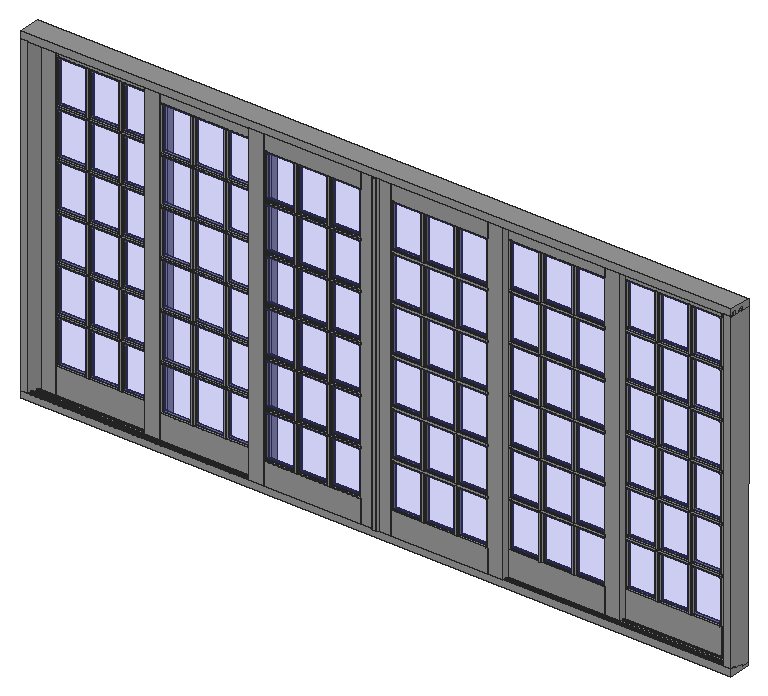
Revit family "VSD4.6SPCOTS", category Doors, host Wall, Revit 2015 (continued)
Automatic sketch dimensions
  Sweep 130 sketch curve to profile plane = 132.5 mm
  Sweep 130 sketch curve to Sweep 130 sketch curve = 6 mm
  plane 4 "Right" to Sweep 131 sketch curve = 1043.32 mm
  Sweep 131 sketch curve to Sweep 131 sketch curve = 197.32 mm
  plane 5 to Sweep 131 sketch curve = 1019 mm
  Sweep 131 sketch curve to Sweep 131 sketch curve = 284 mm
  profile plane to Sweep 131 sketch curve = 0 mm
  profile plane to Sweep 131 sketch curve = 0.241 mm
  Sweep 131 sketch curve to Sweep 131 sketch curve = 6.759 mm
  Sweep 131 sketch curve to Sweep 131 sketch curve = 2 mm  (x2)
  Sweep 131 sketch curve to profile plane = 132.5 mm
  Sweep 131 sketch curve to Sweep 131 sketch curve = 6 mm
  host wall to Extrusion 132 sketch curve = 4 mm  (x4)
  plane 2 "Center (Left/Right)" to Extrusion 132 sketch curve = 989.34 mm
  Extrusion 132 sketch curve to Extrusion 132 sketch curve = 2 mm  (x10)
  Extrusion 132 sketch curve to Extrusion 132 sketch curve = 6.759 mm  (x4)
  Extrusion 132 sketch curve to Extrusion 132 sketch curve = 0.241 mm  (x6)
  Extrusion 132 sketch curve to Extrusion 132 sketch curve = 13 mm  (x2)
  Extrusion 132 sketch curve to Extrusion 132 sketch curve = 0 mm  (x2)
  Extrusion 132 sketch curve to Extrusion 132 sketch curve = 179.34 mm
  Extrusion 132 sketch curve to Extrusion 132 sketch curve = 1.197 mm  (x4)
  Extrusion 132 sketch curve to host wall = 26 mm  (x2)
  plane 2 "Center (Left/Right)" to Sweep 133 sketch curve = 1011.36 mm
  Sweep 133 sketch curve to Sweep 133 sketch curve = 197.32 mm
  plane 5 to Sweep 133 sketch curve = 1019 mm
  Sweep 133 sketch curve to Sweep 133 sketch curve = 284 mm
  profile plane to Sweep 133 sketch curve = 0 mm
  profile plane to Sweep 133 sketch curve = 0.241 mm
  Sweep 133 sketch curve to Sweep 133 sketch curve = 6.759 mm
  Sweep 133 sketch curve to Sweep 133 sketch curve = 2 mm  (x2)
  Sweep 133 sketch curve to profile plane = 132.5 mm
  Sweep 133 sketch curve to Sweep 133 sketch curve = 6 mm
  plane 2 "Center (Left/Right)" to Sweep 134 sketch curve = 801.02 mm
  Sweep 134 sketch curve to Sweep 134 sketch curve = 197.32 mm
  plane 5 to Sweep 134 sketch curve = 1019 mm
  Sweep 134 sketch curve to Sweep 134 sketch curve = 284 mm
  profile plane to Sweep 134 sketch curve = 0 mm
  profile plane to Sweep 134 sketch curve = 0.241 mm
  Sweep 134 sketch curve to Sweep 134 sketch curve = 6.759 mm
  Sweep 134 sketch curve to Sweep 134 sketch curve = 2 mm  (x2)
  Sweep 134 sketch curve to profile plane = 132.5 mm
  Sweep 134 sketch curve to Sweep 134 sketch curve = 6 mm
  plane 4 "Right" to Sweep 135 sketch curve = 1043.32 mm
  Sweep 135 sketch curve to Sweep 135 sketch curve = 197.32 mm
  level to Sweep 135 sketch curve = 784 mm
  Sweep 135 sketch curve to Sweep 135 sketch curve = 284 mm
  profile plane to Sweep 135 sketch curve = 0 mm
  profile plane to Sweep 135 sketch curve = 0.241 mm
  Sweep 135 sketch curve to Sweep 135 sketch curve = 6.759 mm
  Sweep 135 sketch curve to Sweep 135 sketch curve = 2 mm  (x2)
  Sweep 135 sketch curve to profile plane = 132.5 mm
  Sweep 135 sketch curve to Sweep 135 sketch curve = 6 mm
  host wall to Extrusion 136 sketch curve = 4 mm  (x4)
  plane 2 "Center (Left/Right)" to Extrusion 136 sketch curve = 989.34 mm
  Extrusion 136 sketch curve to Extrusion 136 sketch curve = 2 mm  (x10)
  Extrusion 136 sketch curve to Extrusion 136 sketch curve = 6.759 mm  (x4)
  Extrusion 136 sketch curve to Extrusion 136 sketch curve = 0.241 mm  (x6)
  Extrusion 136 sketch curve to Extrusion 136 sketch curve = 13 mm  (x2)
  Extrusion 136 sketch curve to Extrusion 136 sketch curve = 0 mm  (x2)
  Extrusion 136 sketch curve to Extrusion 136 sketch curve = 179.34 mm
  Extrusion 136 sketch curve to Extrusion 136 sketch curve = 1.197 mm  (x4)
  Extrusion 136 sketch curve to host wall = 26 mm  (x2)
  plane 2 "Center (Left/Right)" to Sweep 137 sketch curve = 1011.36 mm
  Sweep 137 sketch curve to Sweep 137 sketch curve = 197.32 mm
  level to Sweep 137 sketch curve = 784 mm
  Sweep 137 sketch curve to Sweep 137 sketch curve = 284 mm
  profile plane to Sweep 137 sketch curve = 0 mm
  profile plane to Sweep 137 sketch curve = 0.241 mm
  Sweep 137 sketch curve to Sweep 137 sketch curve = 6.759 mm
  Sweep 137 sketch curve to Sweep 137 sketch curve = 2 mm  (x2)
  Sweep 137 sketch curve to profile plane = 132.5 mm
  Sweep 137 sketch curve to Sweep 137 sketch curve = 6 mm
  plane 2 "Center (Left/Right)" to Sweep 138 sketch curve = 801.02 mm
  Sweep 138 sketch curve to Sweep 138 sketch curve = 197.32 mm
  level to Sweep 138 sketch curve = 784 mm
  Sweep 138 sketch curve to Sweep 138 sketch curve = 284 mm
  profile plane to Sweep 138 sketch curve = 0 mm
  profile plane to Sweep 138 sketch curve = 0.241 mm
  Sweep 138 sketch curve to Sweep 138 sketch curve = 6.759 mm
  Sweep 138 sketch curve to Sweep 138 sketch curve = 2 mm  (x2)
  Sweep 138 sketch curve to profile plane = 132.5 mm
  Sweep 138 sketch curve to Sweep 138 sketch curve = 6 mm
  level to Sweep 139 sketch curve = 487 mm
  plane 4 "Right" to Sweep 139 sketch curve = 1043.32 mm
  Sweep 139 sketch curve to Sweep 139 sketch curve = 197.32 mm
  Sweep 139 sketch curve to Sweep 139 sketch curve = 284 mm
  profile plane to Sweep 139 sketch curve = 0 mm
  profile plane to Sweep 139 sketch curve = 0.241 mm
  Sweep 139 sketch curve to Sweep 139 sketch curve = 6.759 mm
  Sweep 139 sketch curve to Sweep 139 sketch curve = 2 mm  (x2)
  Sweep 139 sketch curve to profile plane = 132.5 mm
  Sweep 139 sketch curve to Sweep 139 sketch curve = 6 mm
  host wall to Extrusion 140 sketch curve = 4 mm  (x4)
  plane 2 "Center (Left/Right)" to Extrusion 140 sketch curve = 989.34 mm
  Extrusion 140 sketch curve to Extrusion 140 sketch curve = 2 mm  (x10)
  Extrusion 140 sketch curve to Extrusion 140 sketch curve = 6.759 mm  (x4)
  Extrusion 140 sketch curve to Extrusion 140 sketch curve = 0.241 mm  (x6)
  Extrusion 140 sketch curve to Extrusion 140 sketch curve = 13 mm  (x2)
  Extrusion 140 sketch curve to Extrusion 140 sketch curve = 0 mm  (x2)
  Extrusion 140 sketch curve to Extrusion 140 sketch curve = 179.34 mm
  Extrusion 140 sketch curve to Extrusion 140 sketch curve = 1.197 mm  (x4)
  Extrusion 140 sketch curve to host wall = 26 mm  (x2)
  level to Sweep 141 sketch curve = 487 mm
  plane 2 "Center (Left/Right)" to Sweep 141 sketch curve = 1011.36 mm
  Sweep 141 sketch curve to Sweep 141 sketch curve = 197.32 mm
  Sweep 141 sketch curve to Sweep 141 sketch curve = 284 mm
  profile plane to Sweep 141 sketch curve = 0 mm
  profile plane to Sweep 141 sketch curve = 0.241 mm
  Sweep 141 sketch curve to Sweep 141 sketch curve = 6.759 mm
  Sweep 141 sketch curve to Sweep 141 sketch curve = 2 mm  (x2)
  Sweep 141 sketch curve to profile plane = 132.5 mm
  Sweep 141 sketch curve to Sweep 141 sketch curve = 6 mm
  plane 2 "Center (Left/Right)" to Sweep 142 sketch curve = 801.02 mm
  Sweep 142 sketch curve to Sweep 142 sketch curve = 197.32 mm
  level to Sweep 142 sketch curve = 487 mm
  Sweep 142 sketch curve to Sweep 142 sketch curve = 284 mm
  profile plane to Sweep 142 sketch curve = 0 mm
  profile plane to Sweep 142 sketch curve = 0.241 mm
  Sweep 142 sketch curve to Sweep 142 sketch curve = 6.759 mm
  Sweep 142 sketch curve to Sweep 142 sketch curve = 2 mm  (x2)
  Sweep 142 sketch curve to profile plane = 132.5 mm
  Sweep 142 sketch curve to Sweep 142 sketch curve = 6 mm
  level to Sweep 143 sketch curve = 190 mm
  plane 4 "Right" to Sweep 143 sketch curve = 1043.32 mm
  Sweep 143 sketch curve to Sweep 143 sketch curve = 197.32 mm
  Sweep 143 sketch curve to Sweep 143 sketch curve = 284 mm
  profile plane to Sweep 143 sketch curve = 0 mm
  profile plane to Sweep 143 sketch curve = 0.241 mm
  Sweep 143 sketch curve to Sweep 143 sketch curve = 6.759 mm
  Sweep 143 sketch curve to Sweep 143 sketch curve = 2 mm  (x2)
  Sweep 143 sketch curve to profile plane = 132.5 mm
  Sweep 143 sketch curve to Sweep 143 sketch curve = 6 mm
  host wall to Extrusion 144 sketch curve = 4 mm  (x4)
  plane 2 "Center (Left/Right)" to Extrusion 144 sketch curve = 989.34 mm
  Extrusion 144 sketch curve to Extrusion 144 sketch curve = 2 mm  (x10)
  Extrusion 144 sketch curve to Extrusion 144 sketch curve = 6.759 mm  (x4)
  Extrusion 144 sketch curve to Extrusion 144 sketch curve = 0.241 mm  (x6)
  Extrusion 144 sketch curve to Extrusion 144 sketch curve = 13 mm  (x2)
  Extrusion 144 sketch curve to Extrusion 144 sketch curve = 0 mm  (x2)
  Extrusion 144 sketch curve to Extrusion 144 sketch curve = 179.34 mm
  Extrusion 144 sketch curve to Extrusion 144 sketch curve = 1.197 mm  (x4)
  Extrusion 144 sketch curve to host wall = 26 mm  (x2)
  level to Sweep 145 sketch curve = 190 mm
  plane 2 "Center (Left/Right)" to Sweep 145 sketch curve = 1011.36 mm
  Sweep 145 sketch curve to Sweep 145 sketch curve = 197.32 mm
  Sweep 145 sketch curve to Sweep 145 sketch curve = 284 mm
  profile plane to Sweep 145 sketch curve = 0 mm
  profile plane to Sweep 145 sketch curve = 0.241 mm
  Sweep 145 sketch curve to Sweep 145 sketch curve = 6.759 mm
  Sweep 145 sketch curve to Sweep 145 sketch curve = 2 mm  (x2)
  Sweep 145 sketch curve to profile plane = 132.5 mm
  Sweep 145 sketch curve to Sweep 145 sketch curve = 6 mm
  level to Sweep 146 sketch curve = 190 mm
  plane 2 "Center (Left/Right)" to Sweep 146 sketch curve = 801.02 mm
  Sweep 146 sketch curve to Sweep 146 sketch curve = 197.32 mm
  Sweep 146 sketch curve to Sweep 146 sketch curve = 284 mm
  profile plane to Sweep 146 sketch curve = 0 mm
  profile plane to Sweep 146 sketch curve = 0.241 mm
  Sweep 146 sketch curve to Sweep 146 sketch curve = 6.759 mm
  Sweep 146 sketch curve to Sweep 146 sketch curve = 2 mm  (x2)
  Sweep 146 sketch curve to profile plane = 132.5 mm
  Sweep 146 sketch curve to Sweep 146 sketch curve = 6 mm
  plane 2 "Center (Left/Right)" to Extrusion 147 sketch curve = 801 mm  (x2)
  level to Extrusion 147 sketch curve = 190 mm  (x2)
  Extrusion 147 sketch curve to Extrusion 147 sketch curve = 0.01 mm  (x9)
  Extrusion 147 sketch curve to Extrusion 147 sketch curve = 0 mm  (x20)
  Extrusion 147 sketch curve to Extrusion 147 sketch curve = 197.299 mm  (x4)
  Extrusion 147 sketch curve to Extrusion 147 sketch curve = 197.31 mm  (x4)
  Extrusion 147 sketch curve to Extrusion 147 sketch curve = 13.04 mm
  Extrusion 147 sketch curve to Extrusion 147 sketch curve = 13.05 mm
  Extrusion 147 sketch curve to Extrusion 147 sketch curve = 13.01 mm  (x2)
  Extrusion 147 sketch curve to Extrusion 147 sketch curve = 13 mm  (x4)
  Extrusion 147 sketch curve to Extrusion 147 sketch curve = 13.021 mm  (x2)
  Extrusion 147 sketch curve to Extrusion 147 sketch curve = 197.32 mm
  Extrusion 147 sketch curve to Extrusion 147 sketch curve = 284 mm
  Extrusion 147 sketch curve to Extrusion 147 sketch curve = 283.989 mm  (x3)
  Extrusion 147 sketch curve to Extrusion 147 sketch curve = 13.022 mm  (x8)
  Extrusion 147 sketch curve to Extrusion 147 sketch curve = 283.978 mm  (x2)
  Extrusion 147 sketch curve to Extrusion 147 sketch curve = 13.011 mm  (x3)
  plane 5 to Extrusion 147 sketch curve = 141 mm  (x3)
  Extrusion 148 sketch curve to host wall = 5 mm  (x7)
  Extrusion 148 sketch curve to Extrusion 148 sketch curve = 2 mm  (x28)
  Extrusion 148 sketch curve to Extrusion 148 sketch curve = 6 mm  (x12)
  Extrusion 148 sketch curve to Extrusion 148 sketch curve = 0.803 mm  (x5)
  Extrusion 148 sketch curve to Extrusion 148 sketch curve = 6.803 mm  (x7)
  Extrusion 148 sketch curve to Extrusion 148 sketch curve = 1.197 mm  (x8)
  Extrusion 148 sketch curve to Extrusion 148 sketch curve = 30 mm  (x5)
  host wall to Extrusion 148 sketch curve = 30 mm  (x2)
  level to Extrusion 148 sketch curve = 45 mm
  Extrusion 148 sketch curve to Extrusion 148 sketch curve = 145 mm
  Extrusion 148 sketch curve to Extrusion 148 sketch curve = 0 mm  (x4)
  Extrusion 148 sketch curve to Extrusion 148 sketch curve = 0.241 mm  (x12)
  Extrusion 148 sketch curve to Extrusion 148 sketch curve = 266 mm  (x5)
  Extrusion 148 sketch curve to Extrusion 148 sketch curve = 6.759 mm  (x6)
  Extrusion 148 sketch curve to Extrusion 148 sketch curve = 13 mm  (x7)
  plane 5 to Extrusion 148 sketch curve = 150 mm
  plane 5 to Extrusion 148 sketch curve = 45 mm
  plane 2 "Center (Left/Right)" to Sweep 149 sketch curve = 516.68 mm
  Sweep 149 sketch curve to Sweep 149 sketch curve = 197.32 mm
  Sweep 149 sketch curve to Sweep 149 sketch curve = 284 mm
  profile plane to Sweep 149 sketch curve = 0 mm
  profile plane to Sweep 149 sketch curve = 0.241 mm
  Sweep 149 sketch curve to Sweep 149 sketch curve = 6.759 mm
  Sweep 149 sketch curve to Sweep 149 sketch curve = 2 mm  (x2)
  Sweep 149 sketch curve to profile plane = 132.5 mm
  Sweep 149 sketch curve to Sweep 149 sketch curve = 6 mm
  Extrusion 150 sketch curve to host wall = 15 mm  (x2)
  plane 2 "Center (Left/Right)" to Extrusion 150 sketch curve = 284.34 mm
  Extrusion 150 sketch curve to Extrusion 150 sketch curve = 2 mm  (x8)
  Extrusion 150 sketch curve to Extrusion 150 sketch curve = 6.759 mm  (x4)
  Extrusion 150 sketch curve to Extrusion 150 sketch curve = 0.241 mm  (x6)
  Extrusion 150 sketch curve to Extrusion 150 sketch curve = 13 mm  (x2)
  Extrusion 150 sketch curve to Extrusion 150 sketch curve = 0 mm  (x2)
  Extrusion 150 sketch curve to Extrusion 150 sketch curve = 179.34 mm
  Extrusion 150 sketch curve to Extrusion 150 sketch curve = 1.197 mm  (x6)
  Extrusion 150 sketch curve to Extrusion 150 sketch curve = 0.803 mm  (x2)
  Extrusion 150 sketch curve to Extrusion 150 sketch curve = 30 mm  (x2)
  plane 2 "Center (Left/Right)" to Sweep 151 sketch curve = 306.36 mm
  Sweep 151 sketch curve to Sweep 151 sketch curve = 197.32 mm
  plane 5 to Sweep 151 sketch curve = 425 mm
  plane 5 to Sweep 151 sketch curve = 141 mm
  profile plane to Sweep 151 sketch curve = 0 mm
  profile plane to Sweep 151 sketch curve = 0.241 mm
  Sweep 151 sketch curve to Sweep 151 sketch curve = 6.759 mm
  Sweep 151 sketch curve to Sweep 151 sketch curve = 2 mm  (x2)
  Sweep 151 sketch curve to profile plane = 132.5 mm
  Sweep 151 sketch curve to Sweep 151 sketch curve = 6 mm
  plane 2 "Center (Left/Right)" to Sweep 152 sketch curve = 96.02 mm
  Sweep 152 sketch curve to Sweep 152 sketch curve = 197.32 mm
  plane 5 to Sweep 152 sketch curve = 425 mm
  plane 5 to Sweep 152 sketch curve = 141 mm
  profile plane to Sweep 152 sketch curve = 0 mm
  profile plane to Sweep 152 sketch curve = 0.241 mm
  Sweep 152 sketch curve to Sweep 152 sketch curve = 6.759 mm
  Sweep 152 sketch curve to Sweep 152 sketch curve = 2 mm  (x2)
  Sweep 152 sketch curve to profile plane = 132.5 mm
  Sweep 152 sketch curve to Sweep 152 sketch curve = 6 mm
  plane 2 "Center (Left/Right)" to Sweep 153 sketch curve = 516.68 mm
  Sweep 153 sketch curve to Sweep 153 sketch curve = 197.32 mm
  plane 5 to Sweep 153 sketch curve = 722 mm
  Sweep 153 sketch curve to Sweep 153 sketch curve = 284 mm
  profile plane to Sweep 153 sketch curve = 0 mm
  profile plane to Sweep 153 sketch curve = 0.241 mm
  Sweep 153 sketch curve to Sweep 153 sketch curve = 6.759 mm
  Sweep 153 sketch curve to Sweep 153 sketch curve = 2 mm  (x2)
  Sweep 153 sketch curve to profile plane = 132.5 mm
  Sweep 153 sketch curve to Sweep 153 sketch curve = 6 mm
  Extrusion 154 sketch curve to host wall = 15 mm  (x2)
  plane 2 "Center (Left/Right)" to Extrusion 154 sketch curve = 284.34 mm
  Extrusion 154 sketch curve to Extrusion 154 sketch curve = 2 mm  (x8)
  Extrusion 154 sketch curve to Extrusion 154 sketch curve = 6.759 mm  (x4)
  Extrusion 154 sketch curve to Extrusion 154 sketch curve = 0.241 mm  (x6)
  Extrusion 154 sketch curve to Extrusion 154 sketch curve = 13 mm  (x2)
  Extrusion 154 sketch curve to Extrusion 154 sketch curve = 0 mm  (x2)
  Extrusion 154 sketch curve to Extrusion 154 sketch curve = 179.34 mm
  Extrusion 154 sketch curve to Extrusion 154 sketch curve = 1.197 mm  (x6)
  Extrusion 154 sketch curve to Extrusion 154 sketch curve = 0.803 mm  (x2)
  Extrusion 154 sketch curve to Extrusion 154 sketch curve = 30 mm  (x2)
  plane 2 "Center (Left/Right)" to Sweep 155 sketch curve = 306.36 mm
  Sweep 155 sketch curve to Sweep 155 sketch curve = 197.32 mm
  plane 5 to Sweep 155 sketch curve = 722 mm
  Sweep 155 sketch curve to Sweep 155 sketch curve = 284 mm
  profile plane to Sweep 155 sketch curve = 0 mm
  profile plane to Sweep 155 sketch curve = 0.241 mm
  Sweep 155 sketch curve to Sweep 155 sketch curve = 6.759 mm
  Sweep 155 sketch curve to Sweep 155 sketch curve = 2 mm  (x2)
  Sweep 155 sketch curve to profile plane = 132.5 mm
  Sweep 155 sketch curve to Sweep 155 sketch curve = 6 mm
  plane 2 "Center (Left/Right)" to Sweep 156 sketch curve = 96.02 mm
  Sweep 156 sketch curve to Sweep 156 sketch curve = 197.32 mm
  plane 5 to Sweep 156 sketch curve = 722 mm
  Sweep 156 sketch curve to Sweep 156 sketch curve = 284 mm
  profile plane to Sweep 156 sketch curve = 0 mm
  profile plane to Sweep 156 sketch curve = 0.241 mm
  Sweep 156 sketch curve to Sweep 156 sketch curve = 6.759 mm
  Sweep 156 sketch curve to Sweep 156 sketch curve = 2 mm  (x2)
  Sweep 156 sketch curve to profile plane = 132.5 mm
  Sweep 156 sketch curve to Sweep 156 sketch curve = 6 mm
  plane 2 "Center (Left/Right)" to Sweep 157 sketch curve = 516.68 mm
  Sweep 157 sketch curve to Sweep 157 sketch curve = 197.32 mm
  plane 5 to Sweep 157 sketch curve = 1019 mm
  Sweep 157 sketch curve to Sweep 157 sketch curve = 284 mm
  profile plane to Sweep 157 sketch curve = 0 mm
  profile plane to Sweep 157 sketch curve = 0.241 mm
  Sweep 157 sketch curve to Sweep 157 sketch curve = 6.759 mm
  Sweep 157 sketch curve to Sweep 157 sketch curve = 2 mm  (x2)
  Sweep 157 sketch curve to profile plane = 132.5 mm
  Sweep 157 sketch curve to Sweep 157 sketch curve = 6 mm
  Extrusion 158 sketch curve to host wall = 15 mm  (x2)
  plane 2 "Center (Left/Right)" to Extrusion 158 sketch curve = 284.34 mm
  Extrusion 158 sketch curve to Extrusion 158 sketch curve = 2 mm  (x8)
  Extrusion 158 sketch curve to Extrusion 158 sketch curve = 6.759 mm  (x4)
  Extrusion 158 sketch curve to Extrusion 158 sketch curve = 0.241 mm  (x6)
  Extrusion 158 sketch curve to Extrusion 158 sketch curve = 13 mm  (x2)
  Extrusion 158 sketch curve to Extrusion 158 sketch curve = 0 mm  (x2)
  Extrusion 158 sketch curve to Extrusion 158 sketch curve = 179.34 mm
  Extrusion 158 sketch curve to Extrusion 158 sketch curve = 1.197 mm  (x6)
  Extrusion 158 sketch curve to Extrusion 158 sketch curve = 0.803 mm  (x2)
  Extrusion 158 sketch curve to Extrusion 158 sketch curve = 30 mm  (x2)
  plane 2 "Center (Left/Right)" to Sweep 159 sketch curve = 306.36 mm
  Sweep 159 sketch curve to Sweep 159 sketch curve = 197.32 mm
  plane 5 to Sweep 159 sketch curve = 1019 mm
  Sweep 159 sketch curve to Sweep 159 sketch curve = 284 mm
  profile plane to Sweep 159 sketch curve = 0 mm
  profile plane to Sweep 159 sketch curve = 0.241 mm
  Sweep 159 sketch curve to Sweep 159 sketch curve = 6.759 mm
  Sweep 159 sketch curve to Sweep 159 sketch curve = 2 mm  (x2)
  Sweep 159 sketch curve to profile plane = 132.5 mm
  Sweep 159 sketch curve to Sweep 159 sketch curve = 6 mm
  plane 2 "Center (Left/Right)" to Sweep 160 sketch curve = 96.02 mm
  Sweep 160 sketch curve to Sweep 160 sketch curve = 197.32 mm
  plane 5 to Sweep 160 sketch curve = 1019 mm
  Sweep 160 sketch curve to Sweep 160 sketch curve = 284 mm
  profile plane to Sweep 160 sketch curve = 0 mm
  profile plane to Sweep 160 sketch curve = 0.241 mm
  Sweep 160 sketch curve to Sweep 160 sketch curve = 6.759 mm
  Sweep 160 sketch curve to Sweep 160 sketch curve = 2 mm  (x2)
  Sweep 160 sketch curve to profile plane = 132.5 mm
  Sweep 160 sketch curve to Sweep 160 sketch curve = 6 mm
  plane 2 "Center (Left/Right)" to Sweep 161 sketch curve = 516.68 mm
  Sweep 161 sketch curve to Sweep 161 sketch curve = 197.32 mm
  level to Sweep 161 sketch curve = 784 mm
  Sweep 161 sketch curve to Sweep 161 sketch curve = 284 mm
  profile plane to Sweep 161 sketch curve = 0 mm
  profile plane to Sweep 161 sketch curve = 0.241 mm
  Sweep 161 sketch curve to Sweep 161 sketch curve = 6.759 mm
  Sweep 161 sketch curve to Sweep 161 sketch curve = 2 mm  (x2)
  Sweep 161 sketch curve to profile plane = 132.5 mm
  Sweep 161 sketch curve to Sweep 161 sketch curve = 6 mm
  Extrusion 162 sketch curve to host wall = 15 mm  (x2)
  plane 2 "Center (Left/Right)" to Extrusion 162 sketch curve = 284.34 mm
  Extrusion 162 sketch curve to Extrusion 162 sketch curve = 2 mm  (x8)
  Extrusion 162 sketch curve to Extrusion 162 sketch curve = 6.759 mm  (x4)
  Extrusion 162 sketch curve to Extrusion 162 sketch curve = 0.241 mm  (x6)
  Extrusion 162 sketch curve to Extrusion 162 sketch curve = 13 mm  (x2)
  Extrusion 162 sketch curve to Extrusion 162 sketch curve = 0 mm  (x2)
  Extrusion 162 sketch curve to Extrusion 162 sketch curve = 179.34 mm
  Extrusion 162 sketch curve to Extrusion 162 sketch curve = 1.197 mm  (x6)
  Extrusion 162 sketch curve to Extrusion 162 sketch curve = 0.803 mm  (x2)
  Extrusion 162 sketch curve to Extrusion 162 sketch curve = 30 mm  (x2)
  plane 2 "Center (Left/Right)" to Sweep 163 sketch curve = 306.36 mm
  Sweep 163 sketch curve to Sweep 163 sketch curve = 197.32 mm
  level to Sweep 163 sketch curve = 784 mm
  Sweep 163 sketch curve to Sweep 163 sketch curve = 284 mm
  profile plane to Sweep 163 sketch curve = 0 mm
  profile plane to Sweep 163 sketch curve = 0.241 mm
  Sweep 163 sketch curve to Sweep 163 sketch curve = 6.759 mm
  Sweep 163 sketch curve to Sweep 163 sketch curve = 2 mm  (x2)
  Sweep 163 sketch curve to profile plane = 132.5 mm
  Sweep 163 sketch curve to Sweep 163 sketch curve = 6 mm
  plane 2 "Center (Left/Right)" to Sweep 164 sketch curve = 96.02 mm
  Sweep 164 sketch curve to Sweep 164 sketch curve = 197.32 mm
  level to Sweep 164 sketch curve = 784 mm
  Sweep 164 sketch curve to Sweep 164 sketch curve = 284 mm
  profile plane to Sweep 164 sketch curve = 0 mm
  profile plane to Sweep 164 sketch curve = 0.241 mm
  Sweep 164 sketch curve to Sweep 164 sketch curve = 6.759 mm
  Sweep 164 sketch curve to Sweep 164 sketch curve = 2 mm  (x2)
  Sweep 164 sketch curve to profile plane = 132.5 mm
  Sweep 164 sketch curve to Sweep 164 sketch curve = 6 mm
  plane 2 "Center (Left/Right)" to Sweep 165 sketch curve = 516.68 mm
  Sweep 165 sketch curve to Sweep 165 sketch curve = 197.32 mm
  level to Sweep 165 sketch curve = 487 mm
  Sweep 165 sketch curve to Sweep 165 sketch curve = 284 mm
  profile plane to Sweep 165 sketch curve = 0 mm
  profile plane to Sweep 165 sketch curve = 0.241 mm
  Sweep 165 sketch curve to Sweep 165 sketch curve = 6.759 mm
  Sweep 165 sketch curve to Sweep 165 sketch curve = 2 mm  (x2)
  Sweep 165 sketch curve to profile plane = 132.5 mm
  Sweep 165 sketch curve to Sweep 165 sketch curve = 6 mm
  Extrusion 166 sketch curve to host wall = 15 mm  (x2)
  plane 2 "Center (Left/Right)" to Extrusion 166 sketch curve = 284.34 mm
  Extrusion 166 sketch curve to Extrusion 166 sketch curve = 2 mm  (x8)
  Extrusion 166 sketch curve to Extrusion 166 sketch curve = 6.759 mm  (x4)
  Extrusion 166 sketch curve to Extrusion 166 sketch curve = 0.241 mm  (x6)
  Extrusion 166 sketch curve to Extrusion 166 sketch curve = 13 mm  (x2)
  Extrusion 166 sketch curve to Extrusion 166 sketch curve = 0 mm  (x2)
  Extrusion 166 sketch curve to Extrusion 166 sketch curve = 179.34 mm
  Extrusion 166 sketch curve to Extrusion 166 sketch curve = 1.197 mm  (x6)
  Extrusion 166 sketch curve to Extrusion 166 sketch curve = 0.803 mm  (x2)
  Extrusion 166 sketch curve to Extrusion 166 sketch curve = 30 mm  (x2)
  plane 2 "Center (Left/Right)" to Sweep 167 sketch curve = 306.36 mm
  Sweep 167 sketch curve to Sweep 167 sketch curve = 197.32 mm
  level to Sweep 167 sketch curve = 487 mm
  Sweep 167 sketch curve to Sweep 167 sketch curve = 284 mm
  profile plane to Sweep 167 sketch curve = 0 mm
  profile plane to Sweep 167 sketch curve = 0.241 mm
  Sweep 167 sketch curve to Sweep 167 sketch curve = 6.759 mm
  Sweep 167 sketch curve to Sweep 167 sketch curve = 2 mm  (x2)
  Sweep 167 sketch curve to profile plane = 132.5 mm
  Sweep 167 sketch curve to Sweep 167 sketch curve = 6 mm
  plane 2 "Center (Left/Right)" to Sweep 168 sketch curve = 96.02 mm
  Sweep 168 sketch curve to Sweep 168 sketch curve = 197.32 mm
  level to Sweep 168 sketch curve = 487 mm
  Sweep 168 sketch curve to Sweep 168 sketch curve = 284 mm
  profile plane to Sweep 168 sketch curve = 0 mm
  profile plane to Sweep 168 sketch curve = 0.241 mm
  Sweep 168 sketch curve to Sweep 168 sketch curve = 6.759 mm
  Sweep 168 sketch curve to Sweep 168 sketch curve = 2 mm  (x2)
  Sweep 168 sketch curve to profile plane = 132.5 mm
  Sweep 168 sketch curve to Sweep 168 sketch curve = 6 mm
  level to Sweep 169 sketch curve = 190 mm
  plane 2 "Center (Left/Right)" to Sweep 169 sketch curve = 516.68 mm
  Sweep 169 sketch curve to Sweep 169 sketch curve = 197.32 mm
  Sweep 169 sketch curve to Sweep 169 sketch curve = 284 mm
  profile plane to Sweep 169 sketch curve = 0 mm
  profile plane to Sweep 169 sketch curve = 0.241 mm
  Sweep 169 sketch curve to Sweep 169 sketch curve = 6.759 mm
  Sweep 169 sketch curve to Sweep 169 sketch curve = 2 mm  (x2)
  Sweep 169 sketch curve to profile plane = 132.5 mm
  Sweep 169 sketch curve to Sweep 169 sketch curve = 6 mm
  Extrusion 170 sketch curve to host wall = 15 mm  (x2)
  plane 2 "Center (Left/Right)" to Extrusion 170 sketch curve = 284.34 mm
  Extrusion 170 sketch curve to Extrusion 170 sketch curve = 2 mm  (x8)
  Extrusion 170 sketch curve to Extrusion 170 sketch curve = 6.759 mm  (x4)
  Extrusion 170 sketch curve to Extrusion 170 sketch curve = 0.241 mm  (x6)
  Extrusion 170 sketch curve to Extrusion 170 sketch curve = 13 mm  (x2)
  Extrusion 170 sketch curve to Extrusion 170 sketch curve = 0 mm  (x2)
  Extrusion 170 sketch curve to Extrusion 170 sketch curve = 179.34 mm
  Extrusion 170 sketch curve to Extrusion 170 sketch curve = 1.197 mm  (x6)
  Extrusion 170 sketch curve to Extrusion 170 sketch curve = 0.803 mm  (x2)
  Extrusion 170 sketch curve to Extrusion 170 sketch curve = 30 mm  (x2)
  plane 2 "Center (Left/Right)" to Sweep 171 sketch curve = 306.36 mm
  Sweep 171 sketch curve to Sweep 171 sketch curve = 197.32 mm
  level to Sweep 171 sketch curve = 190 mm
  Sweep 171 sketch curve to Sweep 171 sketch curve = 284 mm
  profile plane to Sweep 171 sketch curve = 0 mm
  profile plane to Sweep 171 sketch curve = 0.241 mm
  Sweep 171 sketch curve to Sweep 171 sketch curve = 6.759 mm
  Sweep 171 sketch curve to Sweep 171 sketch curve = 2 mm  (x2)
  Sweep 171 sketch curve to profile plane = 132.5 mm
  Sweep 171 sketch curve to Sweep 171 sketch curve = 6 mm
  plane 2 "Center (Left/Right)" to Sweep 172 sketch curve = 96.02 mm
  Sweep 172 sketch curve to Sweep 172 sketch curve = 197.32 mm
  level to Sweep 172 sketch curve = 190 mm
  Sweep 172 sketch curve to Sweep 172 sketch curve = 284 mm
  profile plane to Sweep 172 sketch curve = 0 mm
  profile plane to Sweep 172 sketch curve = 0.241 mm
  Sweep 172 sketch curve to Sweep 172 sketch curve = 6.759 mm
  Sweep 172 sketch curve to Sweep 172 sketch curve = 2 mm  (x2)
  Sweep 172 sketch curve to profile plane = 132.5 mm
  Sweep 172 sketch curve to Sweep 172 sketch curve = 6 mm
  plane 2 "Center (Left/Right)" to Extrusion 173 sketch curve = 96 mm  (x2)
  Extrusion 173 sketch curve to Extrusion 173 sketch curve = 0.01 mm  (x9)
  Extrusion 173 sketch curve to Extrusion 173 sketch curve = 0 mm  (x20)
  Extrusion 173 sketch curve to Extrusion 173 sketch curve = 197.299 mm  (x4)
  Extrusion 173 sketch curve to Extrusion 173 sketch curve = 197.31 mm  (x4)
  Extrusion 173 sketch curve to Extrusion 173 sketch curve = 13.04 mm
  Extrusion 173 sketch curve to Extrusion 173 sketch curve = 13.05 mm
  Extrusion 173 sketch curve to Extrusion 173 sketch curve = 13.01 mm  (x2)
  Extrusion 173 sketch curve to Extrusion 173 sketch curve = 13 mm  (x4)
  Extrusion 173 sketch curve to Extrusion 173 sketch curve = 13.021 mm  (x2)
  Extrusion 173 sketch curve to Extrusion 173 sketch curve = 197.32 mm
  level to Extrusion 173 sketch curve = 190 mm  (x2)
  Extrusion 173 sketch curve to Extrusion 173 sketch curve = 284 mm
  Extrusion 173 sketch curve to Extrusion 173 sketch curve = 283.989 mm  (x3)
  Extrusion 173 sketch curve to Extrusion 173 sketch curve = 13.022 mm  (x8)
  Extrusion 173 sketch curve to Extrusion 173 sketch curve = 283.978 mm  (x2)
  Extrusion 173 sketch curve to Extrusion 173 sketch curve = 13.011 mm  (x3)
  plane 5 to Extrusion 173 sketch curve = 141 mm  (x3)
